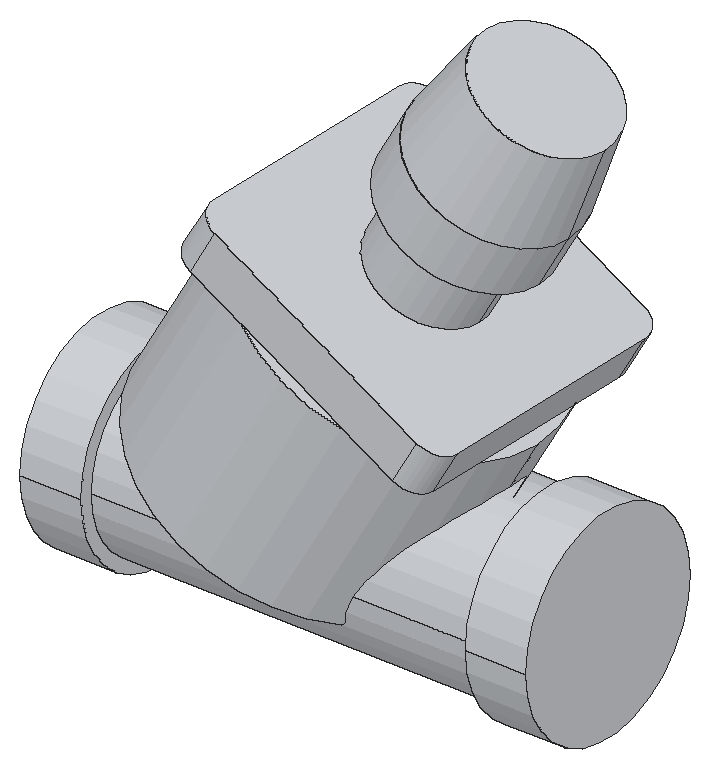
Revit family "OPTIMA_Compact_MM_DN25_5,5_RFA_2019", category Pipe Accessories, Revit 2019
Family settings
  Round Connector Dimension = Use Diameter
  Part Type = Valve - Breaks Into
  Work Plane-Based = No
  Always vertical = Yes
  Cut with Voids When Loaded = No
  Shared = No
Parameters (values of type "OPTIMA Compact DN25 M-M 5.5mm")
  magiProductId = "c9531e40f709430d814b4200686e37"
  magiProductFamilyId = "78ecc78dd0e54fb5aa8a98aef7d402"
  magiPartTypeId = 304
  isMeasuringValve [instance] = no
  ang2D [instance] = 0.00°
  Z = 0 mm
  X = 13 mm
  W2D = 32 mm
  VersionID = "2.0/2018.8.28.1/FRESE_OPTIMA-COMPACT-MM_001"
  Use Minimum Symbol Size [instance] = yes
  URL = "www.hydronic.cz"
  Type Comments = "vnější závit; PN25; 0~120°C, bez měřicích vsuvek"
  R9 = 8 mm
  R8 = 14 mm
  R7 = 17 mm
  R6 = 12 mm
  R5 = 5 mm
  R4 = 29 mm
  R3 = 31.5 mm
  R2 = 18.5 mm
  R1 = 21 mm
  QmdConnectorList = "301;D;302;D"
  Productdata [instance] = ""
  PLG0 = no
  Manufacturer = "Hydronic Systems Prague s.r.o."
  MC Product Code = "53-1313  (5/4\" M-M; 5.5mm; Qmin-dpmin 600l/h-17.3kPa; Qmax-dpmin 3609l/h-23.0kPa; dpmax 800kPa)"
  MC Piping Given Pressure Drop [instance] = 0.0 Pa
  LL = 52 mm
  L3 = 12.5 mm
  L2D_Min = 3048 mm
  L2D = 104 mm
  L2 = 79.04 mm
  L1__ve = -L1  # -12.48 mm
  L1 = 12.48 mm
  H6__ve = -H6  # -63 mm
  H6 = 63 mm
  H5 = 20 mm
  H4 = 12 mm
  H3 = 16 mm
  H2 = 10 mm
  H1 = 43 mm
  Description = "Tlakově nezávislý 2-cestný regulační vyvažovací ventil (PICV)"
  D = 25 mm
  A = 30.00°
Types (8, lengths in mm): name | magiProductId | Z | X | R4 | R3 | R2 | R1 | MC Product Code | LL | L3 | L2 | L1__ve | L1 | H6__ve | H6 | H5 | H3 | H2 | H1 | D
  OPTIMA Compact DN32 M-M 5.5mm | "9229f6b2647a4beea29cfed7a0464e" | 1 | 13 | 29 | 31.5 | 22 | 24 | "53-1314  (6/4\" M-M; 5.5mm; Qmin-dpmin 550l/h-17.9kPa; Qmax-dpmin 4001l/h-28.0kPa; dpmax 800kPa)" | 52 | 12.5 | 79.04 | -12.48 | 12.48 | -66 | 66 | 20 | 16 | 10 | 46 | 32
  OPTIMA Compact DN15 M-M 2.5mm | "cf91b4957677408aaed6de7f8e707d" | 0 | 7 | 19 | 19 | 12 | 13 | "53-1304  (3/4\" M-M; 2.5mm; Qmin-dpmin 100l/h-14.9kPa; Qmax-dpmin 575l/h-18.5kPa; dpmax 800kPa)" | 32.5 | 11 | 49.4 | -7.8 | 7.8 | -55 | 55 | 20 | 18 | 8 | 26 | 15
  OPTIMA Compact DN15 M-M 5.0mm | "3da7abe28dc3494da6d3a7ef2edb11" | 0 | 7 | 19 | 19 | 12 | 13 | "53-1305  (3/4\" M-M; 5.0mm; Qmin-dpmin 220l/h-16.0kPa; Qmax-dpmin 1330l/h-21.6kPa; dpmax 800kPa)" | 32.5 | 11 | 49.4 | -7.8 | 7.8 | -55 | 55 | 20 | 18 | 8 | 26 | 15
  OPTIMA Compact DN20 M-M 5.0mm | "dbf1ea5749af4e6bb74c096f7a23b2" | 0 | 10 | 19 | 19 | 13.5 | 16.5 | "53-1308  (1\" M-M; 5.0mm; Qmin-dpmin 220l/h-16.0kPa; Qmax-dpmin 1330l/h-21.6kPa; dpmax 800kPa)" | 35 | 11 | 53.2 | -8.4 | 8.4 | -58.5 | 58.5 | 20 | 18 | 8 | 26 | 20
  OPTIMA Compact DN20 M-M 5.5mm | "a40c776a67e54a899e920652842cb9" | 0 | 10 | 19 | 19 | 13.5 | 16.5 | "53-1311  (1\" M-M; 5.5mm; Qmin-dpmin 300l/h-17.8kPa; Qmax-dpmin 1800l/h-40.0kPa; dpmax 800kPa)" | 35 | 11 | 53.2 | -8.4 | 8.4 | -58.5 | 58.5 | 20 | 18 | 8 | 26 | 20
  OPTIMA Compact DN25 M-M 5.5mm | "c9531e40f709430d814b4200686e37" | 0 | 13 | 29 | 31.5 | 18.5 | 21 | "53-1313  (5/4\" M-M; 5.5mm; Qmin-dpmin 600l/h-17.3kPa; Qmax-dpmin 3609l/h-23.0kPa; dpmax 800kPa)" | 52 | 12.5 | 79.04 | -12.48 | 12.48 | -63 | 63 | 20 | 16 | 10 | 43 | 25
  OPTIMA Compact DN10 M-M 2.5mm | "719160033de540c9acf49957212ec3" | 0 | 7 | 19 | 19 | 9 | 10.5 | "53-1300  (1/2\" M-M; 2.5mm; Qmin-dpmin 30l/h-14.3kPa; Qmax-dpmin 200l/h-15.8kPa; dpmax 800kPa)" | 32.5 | 11 | 49.4 | -7.8 | 7.8 | -52.5 | 52.5 | 17 | 18 | 8 | 30 | 10
  OPTIMA Compact DN10 M-M 5.0mm | "5a6cfbbfc7584f5c989f475761ae24" | 0 | 7 | 19 | 19 | 9 | 10.5 | "53-1309  (1/2\" M-M; 5.0mm; Qmin-dpmin 65l/h-14.6kPa; Qmax-dpmin 370l/h-17.2kPa; dpmax 800kPa)" | 32.5 | 11 | 49.4 | -7.8 | 7.8 | -52.5 | 52.5 | 17 | 18 | 8 | 30 | 10
Reference planes
  plane 1 "Center (Front/Back)": y = 0
  plane 2 "XYPLANE": z = 0
  plane 3 "Center (Left/Right)": x = 0
  plane 4 "267": x = 12.5
  plane 5 "266": x = -12.5
  plane 6 "252": through (-599.019, 0, 462.469) normal (0.5, 0, 0.866)
  plane 7 "250": through (-609.019, 0, 445.148) normal (0.5, 0, 0.866)
  plane 8 "248": through (-615.019, 0, 434.756) normal (0.5, 0, 0.866)
  plane 9 "245": through (-623.019, 0, 420.899) normal (0.5, 0, 0.866)
  plane 10 "241": through (338.627, 0, 670.519) normal (0.866, 0, -0.5)
  plane 11 "240": through (388.856, 0, 641.519) normal (0.866, 0, -0.5)
  plane 12 "239": y = -29
  plane 13 "238": y = 29
  plane 14 "237": through (-628.019, 0, 412.239) normal (0.5, 0, 0.866)
  plane 15 "235": through (-649.519, 0, 375) normal (0.5, 0, 0.866)
  plane 16 "231": y = 0
  plane 17 "230": through (363.742, 0, 656.019) normal (0.866, 0, -0.5)
  plane 18 "211": x = -39.52
  plane 19 "204": x = 52
  plane 20 "203": x = -52
  plane 21 "202": x = 0
  plane 22 "201": z = 0
  plane 23 "200": y = 0
  plane 24 "227XY": through (-649.519, 0, 375) normal (0.5, 0, 0.866)
  plane 25 "227XZ": y = 0
  plane 26 "227YZ": through (375, 0, 649.519) normal (0.866, 0, -0.5)
Forms (mm)
  Extrusion 1, solid, visible <- "PLG0"
    sketch origin (-750, 0, 0) x (1, 0, 0) y (0, 1, 0)
      loop
        circle (762.5, 0) r 8
    from 0 to -63 <- "H6__ve"
  Extrusion 2, solid, visible <- "PLG0"
    sketch origin (-750, 0, 0) x (1, 0, 0) y (0, 1, 0)
      loop
        circle (737.5, 0) r 8
    from 0 to -63 <- "H6__ve"
  Blend 3, solid
    base sketch origin (-609.019, 0, 445.148) x (0.866025, 0, -0.5) y (0, 1, 0)
      loop
        circle (737, 0) r 17
    top sketch origin (-609.019, 0, 445.148) x (0.866025, 0, -0.5) y (0, 1, 0)
      loop
        circle (737, 0) r 14
    from 0 to 20
  Extrusion 4, solid
    sketch origin (-615.019, 0, 434.756) x (0.866025, 0, -0.5) y (0, 1, 0)
      loop
        circle (737, 0) r 17
    from 0 to 12 <- "H4"
  Extrusion 5, solid
    sketch origin (-623.019, 0, 420.899) x (0.866025, 0, -0.5) y (0, 1, 0)
      loop
        circle (737, 0) r 12
    from 0 to 16 <- "H3"
  Extrusion 6, solid
    sketch origin (-628.019, 0, 412.239) x (0.866025, 0, -0.5) y (0, 1, 0)
      loop
        arc (713, 29) -> (709.464, 27.536) -> (708, 24) r 5
        line (708, 24) -> (708, -24)
        arc (708, -24) -> (709.464, -27.536) -> (713, -29) r 5
        line (713, -29) -> (761, -29)
        arc (761, -29) -> (764.536, -27.536) -> (766, -24) r 5
        line (766, -24) -> (766, 24)
        arc (766, 24) -> (764.536, 27.536) -> (761, 29) r 5
        line (761, 29) -> (713, 29)
    from 0 to 10 <- "H2"
  Extrusion 7, solid
    sketch origin (-649.519, 0, 375) x (0.866025, 0, -0.5) y (0, 1, 0)
      loop
        circle (737, 0) r 31.5
    from 0 to 43 <- "H1"
  Extrusion 8, solid
    sketch origin (-39.52, -750, 0) x (0, 1, 0) y (0, 0, 1)
      loop
        circle (750, 0) r 18.5
    from 0 to 79.04 <- "L2"
  Extrusion 9, solid
    sketch origin (52, -750, 0) x (0, 1, 0) y (0, 0, 1)
      loop
        circle (750, 0) r 21
    from 0 to -12.48 <- "L1__ve"
  Extrusion 10, solid
    sketch origin (-52, -750, 0) x (0, 1, 0) y (0, 0, 1)
      loop
        circle (750, 0) r 21
    from 0 to 12.48 <- "L1"
  Extrusion 11, solid, not visible
    sketch origin (52, -750, 0) x (0, 1, 0) y (0, 0, 1)
      loop
        circle (750, 0) r 10
    from 0 to -10
  Extrusion 12, solid, not visible
    sketch origin (-52, -750, 0) x (0, 1, 0) y (0, 0, 1)
      loop
        circle (750, 0) r 10
    from 0 to 10
Lines and regions (mm)
  reference lines, not visible
    curve 1: circle (2, 2, 0) r 1 normal (0, 0, 1)
Dimensions and locks
  plane 1 "Center (Front/Back)" to curve 1 = 2 mm
  "L3": plane 3 "Center (Left/Right)" to plane 4 "267"
  "L3": plane 3 "Center (Left/Right)" to plane 5 "266"
  "H5": plane 7 "250" to plane 6 "252"
  "H4": plane 8 "248" to plane 7 "250"
  "H3": plane 9 "245" to plane 8 "248"
  "H2": plane 14 "237" to plane 9 "245"
  "R4": plane 17 "230" to plane 10 "241"
  "R4": plane 17 "230" to plane 11 "240"
  "R4": plane 23 "200" to plane 12 "239"
  "R4": plane 23 "200" to plane 13 "238"
  "H1": plane 15 "235" to plane 14 "237"
  "Z": plane 24 "227XY" to plane 15 "235"
  locked: plane 23 "200" to plane 16 "231"
  "X": plane 26 "227YZ" to plane 17 "230"
  "L1": plane 20 "203" to plane 18 "211"
  "LL": plane 3 "Center (Left/Right)" to plane 19 "204"
  "LL": plane 3 "Center (Left/Right)" to plane 20 "203"
  locked: plane 3 "Center (Left/Right)" to plane 21 "202"
  locked: plane 2 "XYPLANE" to plane 22 "201"
  locked: plane 1 "Center (Front/Back)" to plane 23 "200"
  Extrusion 6 sketch curve to Extrusion 6 sketch curve = 0 mm  (x16)
  "R9": radius of Extrusion 1 sketch curve
  "R9": radius of Extrusion 2 sketch curve
  "R8": radius of Blend 3 sketch curve
  "R7": radius of Blend 3 sketch curve
  "R7": radius of Extrusion 4 sketch curve
  "R6": radius of Extrusion 5 sketch curve
  "R5": radius of Extrusion 6 sketch curve  (x4)
  "R3": radius of Extrusion 7 sketch curve
  "R2": radius of Extrusion 8 sketch curve
  "R1": radius of Extrusion 9 sketch curve
  "R1": radius of Extrusion 10 sketch curve
  aligned and locked: level to plane 2 "XYPLANE"
  aligned and locked: plane 4 "267" to Extrusion 1 sketch curve
  aligned and locked: plane 23 "200" to Extrusion 1 sketch curve
  aligned and locked: plane 5 "266" to Extrusion 2 sketch curve
  aligned and locked: plane 23 "200" to Extrusion 2 sketch curve
  aligned and locked: plane 16 "231" to Blend 3 sketch curve  (x2)
  aligned and locked: Blend 3 sketch curve to plane 17 "230"  (x2)
  aligned and locked: plane 6 "252" to Blend 3
  aligned and locked: plane 16 "231" to Extrusion 4 sketch curve
  aligned and locked: Extrusion 4 sketch curve to plane 17 "230"
  aligned and locked: plane 16 "231" to Extrusion 5 sketch curve
  aligned and locked: Extrusion 5 sketch curve to plane 17 "230"
  aligned and locked: Extrusion 6 sketch curve to plane 10 "241"
  aligned and locked: Extrusion 6 sketch curve to plane 12 "239"
  aligned and locked: Extrusion 6 sketch curve to plane 11 "240"
  aligned and locked: plane 13 "238" to Extrusion 6 sketch curve
  aligned and locked: plane 16 "231" to Extrusion 7 sketch curve
  aligned and locked: Extrusion 7 sketch curve to plane 17 "230"
  aligned and locked: plane 22 "201" to Extrusion 8 sketch curve
  aligned and locked: Extrusion 8 sketch curve to plane 23 "200"
  aligned and locked: plane 22 "201" to Extrusion 9 sketch curve
  aligned and locked: Extrusion 9 sketch curve to plane 23 "200"
  aligned and locked: plane 22 "201" to Extrusion 10 sketch curve
  aligned and locked: Extrusion 10 sketch curve to plane 23 "200"
  aligned and locked: plane 22 "201" to Extrusion 11 sketch curve
  aligned and locked: Extrusion 11 sketch curve to plane 23 "200"
  aligned and locked: plane 22 "201" to Extrusion 12 sketch curve
  aligned and locked: Extrusion 12 sketch curve to plane 23 "200"
Automatic sketch dimensions
  plane 1 "Center (Front/Back)" to Extrusion 11 sketch curve = 10 mm
  plane 1 "Center (Front/Back)" to Extrusion 12 sketch curve = 10 mm
  plane 3 "Center (Left/Right)" to curve 1 = 2 mm
  radius of curve 1 = 1 mm
Connectors
  piping at (-52, 0, 0), diameter 25, driven by "D"
    settings: on Extrusion 12, index 1, connector inside diameter 609.6 mm, connector length 0 mm, flow factor 0, pipe flow 0.0 L/s, pressure drop 0.0 Pa, fitting loss kfactor 0, connector angle 0.00°, fixture units 0, engagement length 0 mm, angle of deflection 0.00°, flow configuration 0, flow direction 0, fitting loss method 0, system type 29, joint type 0, gender type 0, connector reference index 2, connector utility 0, adjustable connector no, is connector primary yes, connector description ""
  piping at (52, 0, 0), diameter 25, driven by "D"
    settings: on Extrusion 11, index 2, connector inside diameter 609.6 mm, connector length 0 mm, flow factor 0, pipe flow 0.0 L/s, pressure drop 0.0 Pa, fitting loss kfactor 0, connector angle 0.00°, fixture units 0, engagement length 0 mm, angle of deflection 0.00°, flow configuration 0, flow direction 0, fitting loss method 0, system type 29, joint type 0, gender type 0, connector reference index 1, connector utility 0, adjustable connector no, is connector primary no, connector description ""
